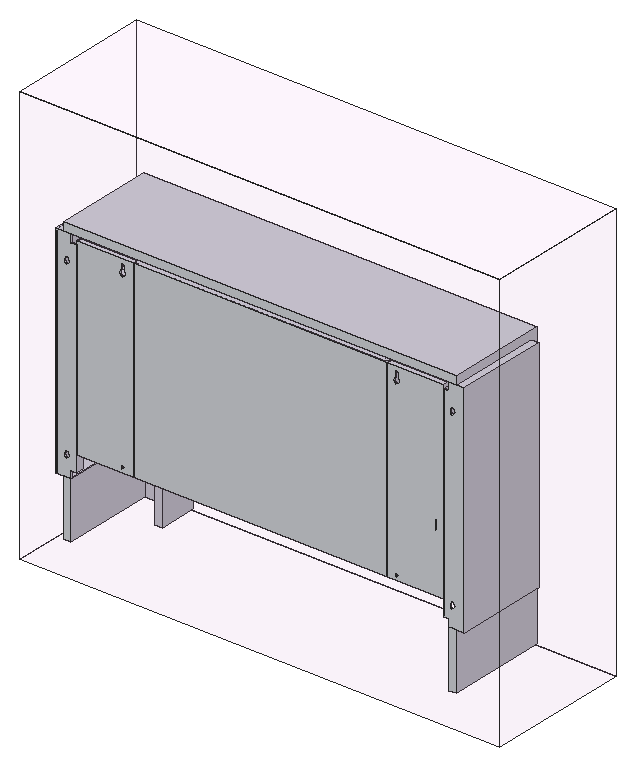
Revit family "01 - CASED EVOVERT - BTM IN - FRONT DIS - No Valves", category Mechanical Equipment, host Wall, Revit 2018
Family settings
  Host = Wall
  Round Connector Dimension = Use Diameter
  Part Type = Normal
  OmniClass Number = 23.75.00.00
  OmniClass Title = Climate Control (HVAC)
  Always vertical = Yes
  Cut with Voids When Loaded = No
  Shared = No
  Room Calculation Point = No
Parameters (values of type "EVOVERT - Size 100 LH")
  ∆P Htg Coil = 0.0 Pa
  ∆P Cooling Coil = 0.0 Pa
  Winter off Coil Temp. = 0 °C
  Winter Room Temp. = 0 °C
  Winter On Coil Temp. = 0 °C
  Winter Fresh Air Temp. = 0 °C
  Top Pipework [instance] = if(or(BOTTOM Pipework Entry, SIDE Pipework Entry), 1 = 0, TOP Pipework Entry)  # no
  Temperature Controller = no
  TOP Pipework Entry [instance] = no
  Summer off Coil Temp. = 0 °C
  Summer Room Temp. = 0 °C
  Summer On Coil Temp. = 0 °C
  Summer Fresh Air Temp. = 0 °C
  Starting Method = "Soft Start"
  Speed Selection Controller = no
  Specific Fan Power = 0
  Sound Transmission (NR) = 0
  Side Pipework [instance] = if(or(BOTTOM Pipework Entry, TOP Pipework Entry), 1 = 0, SIDE Pipework Entry)  # no
  Shipping Weight = 0.00 kg
  SIDE Pipework Entry [instance] = no
  Room Air Temperature Sensor = no
  Return Air Temperature Sensor = no
  RH Components Visible = no
  Product Model Number (Code) [instance] = ""
  Primary Filter = "G3"
  Plinths Visible [instance] = if(CASED Fan Coil Unit, CASE Plinth Fitted, 1 = 0)  # yes
  Pipe Connection Type = "Screw"
  Overall Width = FCU Width + AUX Pan Extension + (2.00 mm * 150)  # 970.00 mm
  Overall Length = FCU Length  # 510.00 mm
  Overall Height = FCU Depth  # 235.00 mm
  Outlet Connection Width = FCU Width  # 670.00 mm
  Outlet Connection Shape = "Rectangular"
  Outlet Connection Dia/Height = 100.00 mm
  Operating Weight = 0.00 kg
  No of Outlet Connections = 1
  Motor Type = "EC"
  Motor Enclosure Rating = "IP42"
  Model = "EVOVERT"  # constant formula
  Max Ext Press. = 0.0 Pa
  Mat Thickness Pos = 1.20 mm
  Mat Thickness Neg = Mat Thickness Pos * (-1)  # -1.20 mm
  Manufacturer = "Ability Projects"  # constant formula
  Low Voltage Transformer = no
  LTHW Coil Flow = 0.0 L/s
  LTHW Coil Connection Size = 15.00 mm
  LPHW Return Temp. = 0 °C
  LPHW Flow Temperature = 0 °C
  LH Components Visible = yes
  Internet Address = "http://www.abilityprojects.com"
  Intake Width = FCU Width - (2.00 mm * 14) - 2.00 mm  # 640.00 mm
  Intake Height = FCU Depth - 13.00 mm - 40.00 mm - 2.00 mm  # 180.00 mm
  Inlet Plenum = no
  Inlet Connection Width = 0.00 mm
  Inlet Connection Shape = "N/A"
  Inlet Connection Dia/Height = 0.00 mm
  Incoming Supply Phase = 1
  Incoming Supply Electrical Voltage = 230 V
  Incoming Supply Electrical Frequency = 50 Hz
  Heating Coil Duty Range = 0 W
  Heating Coil Configuration [instance] = "LTHW"
  Heating Coil [instance] = yes
  Handing = "LH"
  Fan Type = "Double Inlet Centrifugal"
  FCU Width = 670.00 mm
  FCU Offset [instance] = 0.00 mm
  FCU Length = 510.00 mm  # constant formula
  FCU Depth = 235.00 mm  # constant formula
  Enclosure Width (Model) = Electrical Enclosure Width - Mat Thickness Pos  # 233.80 mm
  Enclosure Depth (Model) = Electrical Enclosure Depth - Mat Thickness Pos  # 143.80 mm
  Electrical Supply Current (Max) = 0 A
  Electrical Power Consumption = 0 W
  Electrical Enclosure Width = 235.00 mm  # constant formula
  Electrical Enclosure Height = 380.00 mm  # constant formula
  Electrical Enclosure Depth = 145.00 mm  # constant formula
  Earth Connector = yes
  Drain From Edge = Drain Connection Size / 2  # 7.50 mm
  Drain Cut Size = Drain Connection Size - 2.00 mm  # 13.00 mm
  Drain Connection Size = 15.00 mm
  Description = "Wall Mounted 235mm Deep and 510mm Tall Vertical Fan Coil Unit"  # constant formula
  Cooling Coil Duty (Total) = 0 W
  Cooling Coil Duty (Sensible) = 0 W
  Cooling Coil [instance] = yes
  Controls Connection = no
  Control Valves & Actuators = no
  Configuration = "Vertical"
  Condensate Tray = yes
  Condensate Lift Pump [instance] = no
  Condensate Drain Max Flow = 0.0 L/s
  Condensate Drain Connection Size = 15.00 mm
  Ch.W Coil Flow = 0.0 L/s
  CASED Fan Coil Unit [instance] = yes
  Spigot Visible [instance] = not(CASED Fan Coil Unit)  # no
  CASE Plinth Fitted [instance] = yes
  Bottom Pipework [instance] = if(or(SIDE Pipework Entry, TOP Pipework Entry), 1 = 0, BOTTOM Pipework Entry)  # no
  Back Panel Offset (Right) = if(RH Components Visible, 150.00 mm + AUX Pan Extension, 150.00 mm)  # 150.00 mm
  Back Panel Offset (Left) = if(LH Components Visible, 150.00 mm + AUX Pan Extension, 150.00 mm)  # 150.00 mm
  BOTTOM Pipework Entry [instance] = no
  Assembly Code = "D3050100"
  Air Flow Rate = 0.0 L/s
  Access Panel Pos = 170.00 mm  # constant formula
  Access Clearance Visible [instance] = yes
  AUX Pan Extension = 0.00 mm
  Ch.W Coil Connection Size = 15.00 mm
  CHW Return Temp. = 0 °C
  CHW Flow Temp. = 0 °C
  BMS Addressable Controller = no
  Access Clearance Top = 300.00 mm  # constant formula
  Access Clearance Right = 150.00 mm  # constant formula
  Access Clearance Left = 150.00 mm  # constant formula
  Access Clearance Front = 150.00 mm  # constant formula
  Access Clearance Bottom = 300.00 mm  # constant formula
  AUX Pan Length = 125.00 mm + AUX Pan Extension  # 125.00 mm
Reference planes
  plane 1 "Wall": y = 0
  plane 2 "Center (Left/Right)": x = 0
  plane 3 "Back": y = 75
  plane 4 "FCU Right Side": x = -335
  plane 5 "FCU Left Side": x = 335
  plane 6 "Chassis Left": x = 485
  plane 7 "Chassis Right": x = -485
  plane 8 "FCU Bottom": z = 300
  plane 9 "FCU Top": z = 810
  plane 10 "Back Panel Plane": y = 75
  plane 11 "FCU Front": y = 310
  plane 12: z = 555
  plane 13 "Intake Disp": y = 270
  plane 14 "Top Spigot End": y = 190
  plane 15: y = 290
  plane 16 "Access Panel Start": z = 640
  plane 17: z = 790
  plane 18: z = 690
  plane 19: x = 255
  plane 20: x = -255
  plane 21 "Copper Plate Left": x = 325
  plane 22 "Pipe End Left": x = 365
  plane 23 "Copper Plate Right": x = -325
  plane 24 "Pipe End Right": x = -365
  plane 25 "Elec Enclosure Front": y = 310
  plane 26 "Elec Enclosure Bottom": z = 350
  plane 27 "Elec Enclosure Top": z = 730
  plane 28 "Elec Enclosure Left": x = 478.8
  plane 29 "Elec Enclosure Right": x = -478.8
  plane 30 "AUX Pan Plane": z = 458
  plane 31 "Access Front": y = 460
Forms (mm)
  Extrusion 1, solid
    sketch origin (0, 75, 0) x (-1, 0, 0) y (0, 0, 1)
      loop
        line (-485, 808.8) -> (-485, 301.2) -> (485, 301.2) -> (485, 808.8) -> (-485, 808.8)
    from 0 to 1.2 <- "Mat Thickness Pos"
  Extrusion 2, solid
    sketch origin (485, 75, 808.8) x (-1, 0, 0) y (0, -1, 0)
      loop
        line (0, 0) -> (0, -13) -> (970, -13) -> (970, 0) -> (0, 0)
    from 0 to -1.2 <- "Mat Thickness Neg"
  Extrusion 3, solid
    sketch origin (-485, 75, 301.2) x (0, -1, 0) y (-1, 0, 0)
      loop
        line (0, -970) -> (0, 0) -> (-13, 0) -> (-13, -970) -> (0, -970)
    from 0 to -1.2 <- "Mat Thickness Neg"
  Extrusion 4, solid
    sketch origin (485, 88, 301.2) x (0, -1, 0) y (0, 0, -1)
      loop
        line (13, -507.6) -> (13, 0) -> (-2, 0)
        arc (-2, 0) -> (-5.536, -1.464) -> (-7, -5) r 5
        line (-7, -5) -> (-7, -502.6)
        arc (-7, -502.6) -> (-5.536, -506.136) -> (-2, -507.6) r 5
        line (-2, -507.6) -> (13, -507.6)
    from 0 to -1.2 <- "Mat Thickness Neg"
  Extrusion 5, solid
    sketch origin (-485, 75, 301.2) x (0, 1, 0) y (0, 0, -1)
      loop
        line (0, 0) -> (0, -507.6) -> (15, -507.6)
        arc (15, -507.6) -> (18.536, -506.136) -> (20, -502.6) r 5
        line (20, -502.6) -> (20, -5)
        arc (20, -5) -> (18.536, -1.464) -> (15, 0) r 5
        line (15, 0) -> (0, 0)
    from 0 to -1.2 <- "Mat Thickness Neg"
  Extrusion 6, void
    sketch origin (0, 76.2, 0) x (1, 0, 0) y (0, 0, 1)
      loop
        circle (362.5, 315) r 3.75
      loop
        circle (-362.5, 315) r 3.75
      loop
        line (366.25, 781.495) -> (366.25, 795)
        arc (366.25, 795) -> (362.5, 798.75) -> (358.75, 795) r 3.75
        line (358.75, 795) -> (358.75, 781.495)
        arc (358.75, 781.495) -> (362.5, 767.5) -> (366.25, 781.495) r 7.5
      loop
        line (-358.75, 781.495) -> (-358.75, 795)
        arc (-358.75, 795) -> (-362.5, 798.75) -> (-366.25, 795) r 3.75
        line (-366.25, 795) -> (-366.25, 781.495)
        arc (-366.25, 781.495) -> (-362.5, 767.5) -> (-358.75, 781.495) r 7.5
    from 0 to 1.2
  Extrusion 7, solid
    sketch origin (335, 0, 0) x (0, 0, 1) y (0, 1, 0)
      loop
        line (807.6, 76.2) -> (807.6, 308.8) -> (302.4, 308.8) -> (302.4, 76.2) -> (807.6, 76.2)
    from 0 to 1.2 <- "Mat Thickness Pos"
  Extrusion 8, solid
    sketch origin (-335, 0, 0) x (0, 0, 1) y (0, 1, 0)
      loop
        line (302.4, 76.2) -> (807.6, 76.2) -> (807.6, 308.8) -> (302.4, 308.8) -> (302.4, 76.2)
    from 0 to -1.2 <- "Mat Thickness Neg"
  Extrusion 9, solid
    sketch origin (0, 0, 0) x (0, 1, 0) y (0, 0, 1)
      loop
        line (135, 765) -> (203.707, 540.268) -> (291.687, 567.167) -> (222.98, 791.898) -> (135, 765)
    from -255 to 255
  Extrusion 10, solid
    sketch origin (335, 308.8, 807.6) x (0, 0, -1) y (-1, 0, 0)
      loop
        line (0, 0) -> (505.2, 0) -> (505.2, 14) -> (0, 14) -> (0, 0)
    from 0 to -1.2 <- "Mat Thickness Neg"
  Extrusion 11, solid
    sketch origin (-335, 308.8, 807.6) x (0, 0, -1) y (-1, 0, 0)
      loop
        line (0, 0) -> (0, -14) -> (505.2, -14) -> (505.2, 0) -> (0, 0)
    from 0 to -1.2 <- "Mat Thickness Neg"
  Extrusion 12, solid
    sketch origin (335, 76.2, 807.6) x (0, 1, 0) y (-1, 0, 0)
      loop
        line (11.8, 0) -> (232.6, 0) -> (232.6, 14) -> (11.8, 14) -> (11.8, 0)
    from 0 to 1.2 <- "Mat Thickness Pos"
  Extrusion 13, solid
    sketch origin (335, 308.8, 302.4) x (-1, 0, 0) y (0, 1, 0)
      loop
        line (0, 0) -> (0, -220.8) -> (14, -220.8) -> (14, 0) -> (0, 0)
    from 0 to 1.2 <- "Mat Thickness Pos"
  Extrusion 14, solid
    sketch origin (-335, 76.2, 302.4) x (1, 0, 0) y (0, -1, 0)
      loop
        line (0, -11.8) -> (0, -232.6) -> (14, -232.6) -> (14, -11.8) -> (0, -11.8)
    from 0 to 1.2 <- "Mat Thickness Pos"
  Extrusion 15, solid
    sketch origin (-335, 308.8, 807.6) x (0, -1, 0) y (1, 0, 0)
      loop
        line (0, 0) -> (220.8, 0) -> (220.8, 14) -> (0, 14) -> (0, 0)
    from 0 to 1.2 <- "Mat Thickness Pos"
  Extrusion 16, solid
    sketch origin (0, 0, 810) x (1, 0, 0) y (0, 1, 0)
      loop
        line (-333.8, 310) -> (-333.8, 81.2)
        arc (-333.8, 81.2) -> (-332.336, 77.664) -> (-328.8, 76.2) r 5
        line (-328.8, 76.2) -> (328.8, 76.2)
        arc (328.8, 76.2) -> (332.336, 77.664) -> (333.8, 81.2) r 5
        line (333.8, 81.2) -> (333.8, 310) -> (-333.8, 310)
    from 0 to -1.2
  Extrusion 17, solid
    sketch origin (0, 310, 0) x (-1, 0, 0) y (0, 0, 1)
      loop
        line (333.8, 810) -> (-333.8, 810) -> (-333.8, 645)
        arc (-333.8, 645) -> (-332.336, 641.464) -> (-328.8, 640) r 5
        line (-328.8, 640) -> (328.8, 640)
        arc (328.8, 640) -> (332.336, 641.464) -> (333.8, 645) r 5
        line (333.8, 645) -> (333.8, 810)
    from 0 to -1.2
  Extrusion 18, solid, visible <- "LH Components Visible"
    sketch origin (255, 0, 0) x (0, 1, 0) y (0, 0, 1)
      loop
        line (201.365, 589.327) -> (252.488, 566.266) -> (261.486, 605.241) -> (210.363, 628.302) -> (201.365, 589.327)
    from 0 to 50
  Extrusion 19, void
    sketch origin (0, 0, 0) x (0, 1, 0) y (0, 0, 1)
      loop
        line (201.365, 589.327) -> (210.363, 589.327) -> (210.363, 628.302) -> (201.365, 628.302) -> (201.365, 589.327)
      loop
        line (261.486, 605.241) -> (252.488, 605.241) -> (252.488, 566.266) -> (261.486, 566.266) -> (261.486, 605.241)
    from -255 to 255
  Extrusion 20, solid, visible <- "LH Components Visible"
    sketch origin (325, 0, 0) x (0, 0, 1) y (0, 1, 0)
      loop
        line (590.713, 191.422) -> (634.781, 201.596) -> (638.193, 212.756) -> (612.632, 269.422) -> (605.115, 271.72) -> (559.966, 261.296) -> (556.475, 249.875) -> (581.583, 194.213) -> (590.713, 191.422)
    from 0 to 1
  Extrusion 21, solid, visible <- "RH Components Visible"
    sketch origin (-255, 0, 0) x (0, -1, 0) y (0, 0, 1)
      loop
        line (-210.363, 628.302) -> (-261.486, 605.241) -> (-252.488, 566.266) -> (-201.365, 589.327) -> (-210.363, 628.302)
    from 0 to 50
  Extrusion 22, solid, visible <- "RH Components Visible"
    sketch origin (-325, 0, 0) x (0, 0, 1) y (0, 1, 0)
      loop
        line (638.193, 212.756) -> (612.632, 269.422) -> (605.115, 271.72) -> (559.966, 261.296) -> (556.475, 249.875) -> (581.583, 194.213) -> (590.713, 191.422) -> (634.781, 201.596) -> (638.193, 212.756)
    from 0 to -1
  Extrusion 23, solid, visible <- "LH Components Visible"
    sketch origin (325, 0, 0) x (0, 0, 1) y (0, 1, 0)
      loop
        circle (628.302, 210.363) r 6.5
      loop
        circle (589.327, 201.365) r 6.5
      loop
        circle (605.241, 261.486) r 6.5
      loop
        circle (566.266, 252.488) r 6.5
      loop
        circle (628.302, 210.363) r 7.5
      loop
        circle (589.327, 201.365) r 7.5
      loop
        circle (605.241, 261.486) r 7.5
      loop
        circle (566.266, 252.488) r 7.5
    from 0 to 70
  Extrusion 24, solid, visible <- "RH Components Visible"
    sketch origin (-255, 0, 0) x (0, -1, 0) y (0, 0, 1)
      loop
        circle (-261.486, 605.241) r 6.5
      loop
        circle (-252.488, 566.266) r 6.5
      loop
        circle (-261.486, 605.241) r 7.5
      loop
        circle (-252.488, 566.266) r 7.5
      loop
        circle (-210.363, 628.302) r 6.5
      loop
        circle (-210.363, 628.302) r 7.5
      loop
        circle (-201.365, 589.327) r 6.5
      loop
        circle (-201.365, 589.327) r 7.5
    from 0 to 69
  Extrusion 25, solid, visible <- "LH Components Visible"
    sketch origin (255, 0, 0) x (0, 1, 0) y (0, 0, 1)
      loop
        line (205.992, 543.058) -> (283.452, 566.74) -> (217.669, 781.909) -> (140.208, 758.227) -> (205.992, 543.058)
    from 0 to 50
  Extrusion 26, solid, visible <- "RH Components Visible"
    sketch origin (-255, 0, 0) x (0, -1, 0) y (0, 0, 1)
      loop
        line (-217.669, 781.909) -> (-283.452, 566.74) -> (-205.992, 543.058) -> (-140.208, 758.227) -> (-217.669, 781.909)
    from 0 to 50
  Extrusion 27, solid
    sketch origin (255, 0, 0) x (0, 1, 0) y (0, 0, 1)
      loop
        line (222.98, 791.898) -> (135, 765) -> (203.707, 540.268) -> (291.687, 567.167) -> (222.98, 791.898)
      loop
        line (203.043, 539.02) -> (292.936, 566.503) -> (223.644, 793.147) -> (133.751, 765.664) -> (203.043, 539.02)
    from 0 to 78.8
  Extrusion 28, solid
    sketch origin (-255, 0, 0) x (0, -1, 0) y (0, 0, 1)
      loop
        line (-291.687, 567.167) -> (-203.707, 540.268) -> (-135, 765) -> (-222.98, 791.898) -> (-291.687, 567.167)
      loop
        line (-292.936, 566.503) -> (-203.043, 539.02) -> (-133.751, 765.664) -> (-223.644, 793.147) -> (-292.936, 566.503)
    from 0 to 78.8
  Extrusion 29, void
    sketch origin (335, 0, 0) x (0, 0, 1) y (0, 1, 0)
      loop
        line (791.898, 222.98) -> (567.167, 291.687) -> (540.268, 203.707) -> (765, 135) -> (791.898, 222.98)
    from 0 to 1.2
  Extrusion 30, void
    sketch origin (-335, 0, 0) x (0, 0, 1) y (0, 1, 0)
      loop
        line (791.898, 222.98) -> (567.167, 291.687) -> (540.268, 203.707) -> (765, 135) -> (791.898, 222.98)
    from 0 to -1.2
  Extrusion 31, solid, visible <- "LH Components Visible"
    sketch origin (325, 0, 0) x (0, 0, 1) y (0, 1, 0)
      loop
        circle (628.302, 210.363) r 6.5
      loop
        circle (589.327, 201.365) r 6.5
      loop
        circle (605.241, 261.486) r 6.5
      loop
        circle (566.266, 252.488) r 6.5
      loop
        circle (628.302, 210.363) r 7.5
      loop
        circle (589.327, 201.365) r 7.5
      loop
        circle (605.241, 261.486) r 7.5
      loop
        circle (566.266, 252.488) r 7.5
    from 0 to -40
  Extrusion 32, solid, visible <- "RH Components Visible"
    sketch origin (-325, 0, 0) x (0, 0, 1) y (0, 1, 0)
      loop
        circle (605.241, 261.486) r 6.5
      loop
        circle (566.266, 252.488) r 6.5
      loop
        circle (628.302, 210.363) r 6.5
      loop
        circle (589.327, 201.365) r 6.5
      loop
        circle (605.241, 261.486) r 7.5
      loop
        circle (566.266, 252.488) r 7.5
      loop
        circle (628.302, 210.363) r 7.5
      loop
        circle (589.327, 201.365) r 7.5
    from 0 to 40
  Extrusion 33, solid
    sketch origin (328.8, 310, 640) x (0, 1, 0) y (1, 0, 0)
      loop
        line (0, -7.8) -> (-9, -7.8)
        arc (-9, -7.8) -> (-12.536, -9.264) -> (-14, -12.8) r 5
        line (-14, -12.8) -> (-14, -644.8)
        arc (-14, -644.8) -> (-12.536, -648.336) -> (-9, -649.8) r 5
        line (-9, -649.8) -> (0, -649.8) -> (0, -7.8)
    from 0 to 1.2 <- "Mat Thickness Pos"
  Extrusion 34, solid
    sketch origin (0, 310, 0) x (-1, 0, 0) y (0, 0, 1)
      loop
        line (-335, 635) -> (-335, 300) -> (335, 300) -> (335, 635) -> (-335, 635)
    from 0 to -1.2 <- "Mat Thickness Neg"
  Extrusion 35, solid
    sketch origin (0, 0, 300) x (1, 0, 0) y (0, 1, 0)
      loop
        line (335, 270) -> (335, 310) -> (-335, 310) -> (-335, 270) -> (335, 270)
    from 0 to 1.2
  Extrusion 36, solid
    sketch origin (335, 270, 300) x (-1, 0, 0) y (0, 0, -1)
      loop
        line (656, 0) -> (14, 0) -> (14, -10) -> (656, -10) -> (656, 0)
    from 0 to 1.2 <- "Mat Thickness Pos"
  Extrusion 37, solid
    sketch origin (321, 270, 310) x (-1, 0, 0) y (0, -1, 0)
      loop
        line (0, 13) -> (0, 0) -> (642, 0) -> (642, 13) -> (0, 13)
    from 0 to -1.2 <- "Mat Thickness Neg"
  Extrusion 38, solid
    sketch origin (335, 0, 0) x (0, 0, 1) y (0, 1, 0)
      loop
        line (300, 310) -> (300, 270) -> (308, 270)
        arc (308, 270) -> (311.536, 271.464) -> (313, 275) r 5
        line (313, 275) -> (313, 297) -> (630, 297)
        arc (630, 297) -> (633.536, 298.464) -> (635, 302) r 5
        line (635, 302) -> (635, 310) -> (300, 310)
    from 0 to -1.2 <- "Mat Thickness Neg"
  Extrusion 39, solid
    sketch origin (-335, 0, 0) x (0, 0, 1) y (0, 1, 0)
      loop
        line (300, 310) -> (300, 270) -> (308, 270)
        arc (308, 270) -> (311.536, 271.464) -> (313, 275) r 5
        line (313, 275) -> (313, 297) -> (630, 297)
        arc (630, 297) -> (633.536, 298.464) -> (635, 302) r 5
        line (635, 302) -> (635, 310) -> (300, 310)
    from 0 to 1.2 <- "Mat Thickness Pos"
  Extrusion 40, solid
    sketch origin (335, 308.8, 301.2) x (0, -1, 0) y (-1, 0, 0)
      loop
        line (220.8, 14) -> (220.8, 656) -> (40, 656) -> (40, 14) -> (220.8, 14)
    from 1.2 to 0
  Extrusion 41, solid, visible <- "RH Components Visible"
    sketch origin (335, 88, 807.6) x (0, 1, 0) y (0, 0, 1)
      loop
        line (134.98, -15.702) -> (47, -42.6) -> (115.707, -267.332) -> (203.687, -240.433) -> (134.98, -15.702)
    from 0 to -1.2 <- "Mat Thickness Neg"
  Extrusion 42, solid, visible <- "LH Components Visible"
    sketch origin (-335, 88, 302.4) x (0, 1, 0) y (0, 0, -1)
      loop
        line (115.707, -237.868) -> (47, -462.6) -> (134.98, -489.498) -> (203.687, -264.767) -> (115.707, -237.868)
    from 0 to -1.2 <- "Mat Thickness Neg"
  Extrusion 43, solid, visible <- "LH Components Visible"
    sketch origin (0, 0, 458) x (1, 0, 0) y (0, 1, 0)
      loop
        line (335, 295) -> (335, 76.2) -> (465, 76.2) -> (465, 295) -> (335, 295)
    from 0 to 25
  Extrusion 44, void
    sketch origin (0, 0, 483) x (0, 1, 0) y (1, 0, 0)
      loop
        line (77.2, 464) -> (77.2, 336) -> (294, 336) -> (294, 464) -> (77.2, 464)
    from 0 to 24
  Extrusion 45, void
    sketch origin (0, 0, 459) x (-1, 0, 0) y (0, 1, 0)
      loop
        circle (-457.5, 287.5) r 6.5
    from 0 to 1
  Extrusion 46, solid, visible <- "LH Components Visible"
    sketch origin (0, 0, 458) x (0, 1, 0) y (1, 0, 0)
      loop
        circle (287.5, 457.5) r 7.5
      loop
        circle (287.5, 457.5) r 6.5
    from 0 to 30
  Extrusion 47, solid, visible <- "RH Components Visible"
    sketch origin (0, 0, 458) x (1, 0, 0) y (0, 1, 0)
      loop
        line (-465, 295) -> (-465, 76.2) -> (-335, 76.2) -> (-335, 295) -> (-465, 295)
    from 0 to 25
  Extrusion 48, void
    sketch origin (0, 0, 483) x (0, 1, 0) y (1, 0, 0)
      loop
        line (294, -464) -> (294, -336) -> (77.2, -336) -> (77.2, -464) -> (294, -464)
    from 0 to 24
  Extrusion 49, void
    sketch origin (0, 0, 459) x (-1, 0, 0) y (0, 1, 0)
      loop
        circle (457.5, 287.5) r 6.5
    from 0 to 1
  Extrusion 50, solid, visible <- "RH Components Visible"
    sketch origin (0, 0, 458) x (0, 1, 0) y (1, 0, 0)
      loop
        circle (287.5, -457.5) r 7.5
      loop
        circle (287.5, -457.5) r 6.5
    from 0 to 30
  Extrusion 51, solid, visible <- "Spigot Visible"
    sketch origin (-333.8, 310, 810) x (1, 0, 0) y (0, 0, -1)
      loop
        line (668.8, 20) -> (668.8, 120) -> (-1.2, 120) -> (-1.2, 20) -> (668.8, 20)
    from 0 to 25
  Extrusion 52, solid, visible <- "RH Components Visible"
    sketch origin (335, 88, 807.6) x (0, 1, 0) y (0, 0, 1)
      loop
        line (-11.8, -77.6) -> (-11.8, -457.6) -> (220.8, -457.6) -> (220.8, -77.6) -> (-11.8, -77.6)
    from 0 to 143.8
  Extrusion 53, void
    sketch origin (335, 76.2, 730) x (-1, 0, 0) y (0, 1, 0)
      loop
        line (0, 232.6) -> (-10, 232.6) -> (-10, 212.6) -> (0, 212.6) -> (0, 232.6)
    from 0 to 380
  Extrusion 54, solid, visible <- "RH Components Visible"
    sketch origin (335, 76.2, 730) x (0, 1, 0) y (-1, 0, 0)
      loop
        line (212.6, -10) -> (217.6, -10) -> (217.6, -5)
        arc (217.6, -5) -> (216.136, -1.464) -> (212.6, 0) r 5
        line (212.6, 0) -> (212.6, -10)
    from 0 to -380
  Extrusion 55, solid, visible <- "RH Components Visible"
    sketch origin (335, 308.8, 730) x (0, 0, -1) y (-1, 0, 0)
      loop
        line (1.2, -143.8) -> (378.8, -143.8) -> (378.8, -60)
        arc (378.8, -60) -> (377.336, -56.464) -> (373.8, -55) r 5
        line (373.8, -55) -> (6.2, -55)
        arc (6.2, -55) -> (2.664, -56.464) -> (1.2, -60) r 5
        line (1.2, -60) -> (1.2, -143.8)
    from 0 to 1.2 <- "Mat Thickness Pos"
  Extrusion 56, solid, visible <- "RH Components Visible"
    sketch origin (478.8, 88, 807.6) x (0, 1, 0) y (0, 0, 1)
      loop
        line (222, -456.4) -> (222, -78.8) -> (-6.8, -78.8)
        arc (-6.8, -78.8) -> (-10.336, -80.264) -> (-11.8, -83.8) r 5
        line (-11.8, -83.8) -> (-11.8, -451.4)
        arc (-11.8, -451.4) -> (-10.336, -454.936) -> (-6.8, -456.4) r 5
        line (-6.8, -456.4) -> (222, -456.4)
    from 0 to 1.2 <- "Mat Thickness Pos"
  Extrusion 57, void
    sketch origin (335, 76.2, 730) x (-1, 0, 0) y (0, 1, 0)
      loop
        arc (-120.8, 218.8) -> (-122.921, 217.921) -> (-123.8, 215.8) r 3
        line (-123.8, 215.8) -> (-123.8, 119.8)
        arc (-123.8, 119.8) -> (-123.507, 119.093) -> (-122.8, 118.8) r 1
        line (-122.8, 118.8) -> (-74.8, 118.8)
        arc (-74.8, 118.8) -> (-74.093, 119.093) -> (-73.8, 119.8) r 1
        line (-73.8, 119.8) -> (-73.8, 215.8)
        arc (-73.8, 215.8) -> (-74.679, 217.921) -> (-76.8, 218.8) r 3
        line (-76.8, 218.8) -> (-120.8, 218.8)
      loop
        circle (-128.8, 48.8) r 7.95
      loop
        circle (-128.8, 73.8) r 7.95
      loop
        circle (-93.8, 78.8) r 10.5
      loop
        circle (-93.8, 48.8) r 10.5
    from 0 to 1
  Extrusion 58, solid, visible <- "LH Components Visible"
    sketch origin (-335, 88, 302.4) x (0, 1, 0) y (0, 0, -1)
      loop
        line (220.8, -427.6) -> (220.8, -47.6) -> (-11.8, -47.6) -> (-11.8, -427.6) -> (220.8, -427.6)
    from 0 to 143.8
  Extrusion 59, void
    sketch origin (-335, 308.8, 730) x (1, 0, 0) y (0, -1, 0)
      loop
        line (-10, 0) -> (0, 0) -> (0, 20) -> (-10, 20) -> (-10, 0)
    from 0 to 380
  Extrusion 60, solid, visible <- "LH Components Visible"
    sketch origin (-335, 308.8, 730) x (0, -1, 0) y (1, 0, 0)
      loop
        line (20, -10) -> (20, 0)
        arc (20, 0) -> (16.464, -1.464) -> (15, -5) r 5
        line (15, -5) -> (15, -10) -> (20, -10)
    from 0 to -380
  Extrusion 61, solid, visible <- "LH Components Visible"
    sketch origin (-335, 308.8, 350) x (0, 0, 1) y (1, 0, 0)
      loop
        arc (378.8, -60) -> (377.336, -56.464) -> (373.8, -55) r 5
        line (373.8, -55) -> (6.2, -55)
        arc (6.2, -55) -> (2.664, -56.464) -> (1.2, -60) r 5
        line (1.2, -60) -> (1.2, -143.8) -> (378.8, -143.8) -> (378.8, -60)
    from 0 to 1.2 <- "Mat Thickness Pos"
  Extrusion 62, solid, visible <- "LH Components Visible"
    sketch origin (-478.8, 88, 302.4) x (0, 1, 0) y (0, 0, -1)
      loop
        arc (-11.8, -421.4) -> (-10.336, -424.936) -> (-6.8, -426.4) r 5
        line (-6.8, -426.4) -> (222, -426.4) -> (222, -48.8) -> (-6.8, -48.8)
        arc (-6.8, -48.8) -> (-10.336, -50.264) -> (-11.8, -53.8) r 5
        line (-11.8, -53.8) -> (-11.8, -421.4)
    from 0 to 1.2 <- "Mat Thickness Pos"
  Extrusion 63, void
    sketch origin (-335, 308.8, 730) x (1, 0, 0) y (0, -1, 0)
      loop
        line (-120.8, 13.8) -> (-76.8, 13.8)
        arc (-76.8, 13.8) -> (-74.679, 14.679) -> (-73.8, 16.8) r 3
        line (-73.8, 16.8) -> (-73.8, 110.8)
        arc (-73.8, 110.8) -> (-74.679, 112.921) -> (-76.8, 113.8) r 3
        line (-76.8, 113.8) -> (-120.8, 113.8)
        arc (-120.8, 113.8) -> (-122.921, 112.921) -> (-123.8, 110.8) r 3
        line (-123.8, 110.8) -> (-123.8, 16.8)
        arc (-123.8, 16.8) -> (-122.921, 14.679) -> (-120.8, 13.8) r 3
      loop
        circle (-128.8, 158.8) r 7.95
      loop
        circle (-128.8, 183.8) r 7.95
      loop
        circle (-93.8, 153.8) r 10.5
      loop
        circle (-93.8, 183.8) r 10.5
    from 0 to 1
  Extrusion 64, solid, material "Access Zone", visible <- "Access Clearance Visible"
    sketch origin (485, 75, 301.2) x (-1, 0, 0) y (0, 0, -1)
      loop
        line (-150, -808.8) -> (1120, -808.8) -> (1120, 301.2) -> (-150, 301.2) -> (-150, -808.8)
    from 0 to -385
Cuts and joins
  Extrusion 6 cuts Extrusion 1
  Extrusion 6 cuts Extrusion 2
  Extrusion 6 cuts Extrusion 3
  Extrusion 6 cuts Extrusion 4
  Extrusion 6 cuts Extrusion 5
  joined: Extrusion 1, Extrusion 2, Extrusion 3, Extrusion 4, Extrusion 5
  Extrusion 29, Extrusion 53 cuts Extrusion 7
  Extrusion 29, Extrusion 53 cuts Extrusion 10
  Extrusion 29, Extrusion 53 cuts Extrusion 12
  Extrusion 29, Extrusion 53 cuts Extrusion 13
  joined: Extrusion 7, Extrusion 10, Extrusion 12, Extrusion 13
  Extrusion 30, Extrusion 59 cuts Extrusion 8
  Extrusion 30, Extrusion 59 cuts Extrusion 11
  Extrusion 30, Extrusion 59 cuts Extrusion 14
  Extrusion 30, Extrusion 59 cuts Extrusion 15
  joined: Extrusion 8, Extrusion 11, Extrusion 14, Extrusion 15
  joined: Extrusion 16, Extrusion 17, Extrusion 33
  Extrusion 19, Extrusion 29 cuts Extrusion 9
  Extrusion 29 cuts Extrusion 27
  joined: Extrusion 9, Extrusion 27
  Extrusion 29 cuts Extrusion 18
  Extrusion 29 cuts Extrusion 20
  Extrusion 29 cuts Extrusion 23
  Extrusion 29 cuts Extrusion 25
  joined: Extrusion 18, Extrusion 20, Extrusion 23, Extrusion 25, Extrusion 31
  joined: Extrusion 21, Extrusion 22, Extrusion 24, Extrusion 26, Extrusion 32
  joined: Extrusion 34, Extrusion 35, Extrusion 36, Extrusion 38, Extrusion 39
  Extrusion 44, Extrusion 45 cuts Extrusion 43
  Extrusion 48, Extrusion 49 cuts Extrusion 47
  Extrusion 53, Extrusion 57 cuts Extrusion 52
  Extrusion 57 cuts Extrusion 54
  joined: Extrusion 52, Extrusion 54
  joined: Extrusion 55, Extrusion 56
  Extrusion 59, Extrusion 63 cuts Extrusion 58
  Extrusion 63 cuts Extrusion 60
  joined: Extrusion 58, Extrusion 60
  joined: Extrusion 61, Extrusion 62
Text (mm)
  text "Placement side" at (-1820.995, -659.926, 0), in view "Ref. Level"
  text "Placement side" at (0, 1334.055, 2976.191), in view "Left"
  text "Placement side" at (0, 439.194, 2944.362), in view "Right"
Dimensions and locks
  locked: plane 3 "Back" to host wall
  equal spacing: plane 4 "FCU Right Side", plane 2 "Center (Left/Right)", plane 5 "FCU Left Side"
  "FCU Width": plane 4 "FCU Right Side" to plane 5 "FCU Left Side"
  "Back Panel Offset (Left)": plane 6 "Chassis Left" to plane 5 "FCU Left Side"
  "Back Panel Offset (Right)": plane 7 "Chassis Right" to plane 4 "FCU Right Side"
  "Access Clearance Bottom": level to plane 8 "FCU Bottom"
  "FCU Length": plane 8 "FCU Bottom" to plane 9 "FCU Top"
  "FCU Offset": plane 10 "Back Panel Plane" to plane 3 "Back"
  locked: Extrusion 2 sketch curve to plane 10 "Back Panel Plane" at 13
  locked: plane 10 "Back Panel Plane" to Extrusion 4 sketch curve at 20
  locked: plane 5 "FCU Left Side" to Extrusion 6 sketch curve at 27.5  (x2)
  locked: plane 8 "FCU Bottom" to Extrusion 6 sketch curve at 15  (x2)
  locked: Extrusion 6 sketch curve to plane 4 "FCU Right Side" at 27.5  (x2)
  locked: Extrusion 6 sketch curve to Extrusion 6 sketch curve at 20  (x2)
  "FCU Depth": plane 11 "FCU Front" to plane 10 "Back Panel Plane"
  "Mat Thickness Pos": Extrusion 7 sketch curve to plane 11 "FCU Front"
  "Mat Thickness Pos": plane 8 "FCU Bottom" to Extrusion 1 sketch curve
  "Mat Thickness Pos": Extrusion 1 sketch curve to plane 9 "FCU Top"
  locked: Extrusion 6 sketch curve to plane 9 "FCU Top" at 15  (x2)
  plane 8 "FCU Bottom" to plane 9 "FCU Top" = 510.00 mm
  equal spacing: plane 8 "FCU Bottom", plane 12, plane 9 "FCU Top"
  locked: plane 10 "Back Panel Plane" to Extrusion 9 sketch curve at 60
  locked: Extrusion 9 sketch curve to plane 12 at 210
  locked: Extrusion 9 sketch curve to Extrusion 9 sketch curve at 235
  locked: Extrusion 9 sketch curve to Extrusion 9 sketch curve at 92
  locked: plane 5 "FCU Left Side" to Extrusion 10 sketch curve at 14
  locked: Extrusion 11 sketch curve to plane 4 "FCU Right Side" at 14
  locked: plane 11 "FCU Front" to plane 13 "Intake Disp" at 40
  locked: plane 11 "FCU Front" to plane 15 at 20
  locked: plane 15 to plane 14 "Top Spigot End" at 100
  "Access Panel Pos": plane 16 "Access Panel Start" to plane 9 "FCU Top"
  locked: plane 17 to plane 9 "FCU Top" at 20
  locked: plane 18 to plane 17 at 100
  locked: plane 19 to plane 5 "FCU Left Side" at 80
  locked: plane 4 "FCU Right Side" to plane 20 at 80
  locked: Extrusion 9 to Extrusion 18 sketch curve at 47.6
  locked: Extrusion 9 to Extrusion 18 sketch curve at 10.6
  locked: Extrusion 18 sketch curve to Extrusion 18 sketch curve at 55
  locked: Extrusion 9 to Extrusion 18 sketch curve at 37.75
  locked: Extrusion 18 sketch curve to Extrusion 18 sketch curve at 40  (x2)
  locked: plane 19 to plane 22 "Pipe End Left" at 110
  locked: plane 24 "Pipe End Right" to plane 20 at 110
  locked: plane 24 "Pipe End Right" to plane 23 "Copper Plate Right" at 40
  locked: plane 21 "Copper Plate Left" to plane 22 "Pipe End Left" at 40
  locked: Extrusion 20 sketch curve to Extrusion 18 at 10  (x4)
  locked: cut or joined group of Extrusion 9, Extrusion 19, Extrusion 27, Extrusion 29 to Extrusion 20 sketch curve at 2
  locked: cut or joined group of Extrusion 9, Extrusion 19, Extrusion 27, Extrusion 29 to Extrusion 20 sketch curve at 8
  locked: Extrusion 20 sketch curve to cut or joined group of Extrusion 9, Extrusion 19, Extrusion 27, Extrusion 29 at 91
  locked: cut or joined group of Extrusion 9, Extrusion 19, Extrusion 27, Extrusion 29 to Extrusion 20 sketch curve at 3
  locked: cut or joined group of Extrusion 9, Extrusion 19, Extrusion 27, Extrusion 29 to Extrusion 25 sketch curve at 2
  locked: cut or joined group of Extrusion 9, Extrusion 19, Extrusion 27, Extrusion 29 to Extrusion 25 sketch curve at 3
  locked: cut or joined group of Extrusion 9, Extrusion 19, Extrusion 27, Extrusion 29 to Extrusion 25 sketch curve at 8  (x2)
  locked: plane 11 "FCU Front" to Extrusion 33 sketch curve at 14
  locked: Extrusion 34 sketch curve to plane 16 "Access Panel Start" at 5
  plane 8 "FCU Bottom" to Extrusion 36 sketch curve = 10.00 mm
  locked: Extrusion 38 sketch curve to plane 8 "FCU Bottom" at 13
  locked: Extrusion 38 sketch curve to plane 11 "FCU Front" at 13
  "Electrical Enclosure Width": plane 10 "Back Panel Plane" to plane 25 "Elec Enclosure Front"
  "Electrical Enclosure Height": plane 27 "Elec Enclosure Top" to plane 26 "Elec Enclosure Bottom"
  locked: plane 27 "Elec Enclosure Top" to plane 12 at 175
  "Enclosure Depth (Model)": plane 5 "FCU Left Side" to plane 28 "Elec Enclosure Left"
  "Enclosure Depth (Model)": plane 29 "Elec Enclosure Right" to plane 4 "FCU Right Side"
  locked: plane 12 to plane 30 "AUX Pan Plane" at 97
  locked: Extrusion 43 sketch curve to plane 6 "Chassis Left" at 20
  locked: plane 25 "Elec Enclosure Front" to Extrusion 43 sketch curve at 15
  locked: Extrusion 44 sketch curve to cut or joined group of Extrusion 1, Extrusion 2, Extrusion 3, Extrusion 4, Extrusion 5, Extrusion 6 at 1
  locked: Extrusion 44 sketch curve to Extrusion 43 at 1
  locked: cut or joined group of Extrusion 7, Extrusion 10, Extrusion 12, Extrusion 13, Extrusion 29, Extrusion 53 to Extrusion 44 sketch curve at 1
  "Drain From Edge": Extrusion 45 sketch curve to cut or joined group of Extrusion 43, Extrusion 44, Extrusion 45
  "Drain From Edge": Extrusion 46 sketch curve to cut or joined group of Extrusion 43, Extrusion 44, Extrusion 45
  "Drain From Edge": cut or joined group of Extrusion 43, Extrusion 44, Extrusion 45 to Extrusion 46 sketch curve
  locked: plane 25 "Elec Enclosure Front" to Extrusion 47 sketch curve at 15
  locked: plane 7 "Chassis Right" to Extrusion 47 sketch curve at 20
  locked: Extrusion 48 sketch curve to plane 4 "FCU Right Side" at 1
  locked: Extrusion 47 to Extrusion 48 sketch curve at 1
  "Drain From Edge": cut or joined group of Extrusion 47, Extrusion 48, Extrusion 49 to Extrusion 49 sketch curve  (x2)
  "Drain From Edge": cut or joined group of Extrusion 47, Extrusion 48, Extrusion 49 to Extrusion 50 sketch curve  (x2)
  locked: Extrusion 52 sketch curve to plane 11 "FCU Front" at 1.2
  locked: Extrusion 53 sketch curve to Extrusion 52 at 10
  locked: Extrusion 52 to Extrusion 53 sketch curve at 20
  locked: Extrusion 55 sketch curve to plane 27 "Elec Enclosure Top" at 1.2
  locked: plane 26 "Elec Enclosure Bottom" to Extrusion 55 sketch curve at 1.2
  plane 5 "FCU Left Side" to Extrusion 55 sketch curve = 55.00 mm
  locked: Extrusion 57 sketch curve to plane 28 "Elec Enclosure Left" at 20
  locked: plane 25 "Elec Enclosure Front" to Extrusion 57 sketch curve at 15
  locked: Extrusion 57 sketch curve to Extrusion 57 sketch curve at 50
  locked: Extrusion 57 sketch curve to Extrusion 57 sketch curve at 100
  locked: Extrusion 57 sketch curve to plane 28 "Elec Enclosure Left" at 15  (x2)
  locked: Extrusion 57 sketch curve to plane 28 "Elec Enclosure Left" at 50  (x2)
  locked: plane 25 "Elec Enclosure Front" to Extrusion 57 sketch curve at 160
  locked: plane 25 "Elec Enclosure Front" to Extrusion 57 sketch curve at 155
  locked: Extrusion 57 sketch curve to Extrusion 57 sketch curve at 30
  locked: Extrusion 57 sketch curve to Extrusion 57 sketch curve at 25
  locked: Extrusion 58 sketch curve to plane 11 "FCU Front" at 1.2
  locked: Extrusion 58 to Extrusion 59 sketch curve at 10
  locked: Extrusion 58 to Extrusion 59 sketch curve at 20
  locked: Extrusion 61 sketch curve to plane 27 "Elec Enclosure Top" at 1.2
  locked: plane 26 "Elec Enclosure Bottom" to Extrusion 61 sketch curve at 1.2
  locked: Extrusion 61 sketch curve to plane 4 "FCU Right Side" at 55
  locked: plane 29 "Elec Enclosure Right" to Extrusion 63 sketch curve at 20
  locked: plane 25 "Elec Enclosure Front" to Extrusion 63 sketch curve at 15
  locked: Extrusion 63 sketch curve to Extrusion 63 sketch curve at 100
  locked: Extrusion 63 sketch curve to Extrusion 63 sketch curve at 50
  locked: plane 25 "Elec Enclosure Front" to Extrusion 63 sketch curve at 155
  locked: plane 25 "Elec Enclosure Front" to Extrusion 63 sketch curve at 160
  locked: plane 29 "Elec Enclosure Right" to Extrusion 63 sketch curve at 15  (x2)
  locked: plane 29 "Elec Enclosure Right" to Extrusion 63 sketch curve at 50  (x2)
  locked: Extrusion 63 sketch curve to Extrusion 63 sketch curve at 25
  locked: Extrusion 63 sketch curve to Extrusion 63 sketch curve at 30
  "Access Clearance Top": plane 9 "FCU Top" to Extrusion 64 sketch curve
  "Access Clearance Bottom": Extrusion 64 sketch curve to plane 8 "FCU Bottom"
  "Access Clearance Right": plane 7 "Chassis Right" to Extrusion 64 sketch curve
  "Access Clearance Left": Extrusion 64 sketch curve to plane 6 "Chassis Left"
  "Access Clearance Front": plane 31 "Access Front" to plane 11 "FCU Front"
  "Drain Cut Size": diameter of Extrusion 45 sketch curve
  "Drain Cut Size": diameter of Extrusion 49 sketch curve
  "Drain Connection Size": diameter of Extrusion 50 sketch curve
  "Drain Connection Size": diameter of Extrusion 46 sketch curve
  locked: plane 10 "Back Panel Plane" to Extrusion 9 sketch curve (angle 17.00°)
  locked: Extrusion 9 to Extrusion 18 sketch curve (angle 60.00°)
  aligned and locked: plane 1 "Wall" to host wall
  aligned and locked: Extrusion 1 sketch curve to plane 6 "Chassis Left"
  aligned and locked: plane 7 "Chassis Right" to Extrusion 1 sketch curve
  aligned and locked: plane 7 "Chassis Right" to Extrusion 2 sketch curve
  aligned and locked: plane 10 "Back Panel Plane" to Extrusion 2 sketch curve
  aligned and locked: Extrusion 2 sketch curve to plane 6 "Chassis Left"
  aligned and locked: Extrusion 3 sketch curve to Extrusion 2  (x4)
  aligned and locked: Extrusion 4 sketch curve to cut or joined group of Extrusion 1, Extrusion 2, Extrusion 3, Extrusion 4, Extrusion 5, Extrusion 6  (x3)
  aligned and locked: cut or joined group of Extrusion 1, Extrusion 2, Extrusion 3, Extrusion 4, Extrusion 5, Extrusion 6 to Extrusion 5 sketch curve
  aligned and locked: Extrusion 5 sketch curve to cut or joined group of Extrusion 1, Extrusion 2, Extrusion 3, Extrusion 4, Extrusion 5, Extrusion 6  (x3)
  aligned and locked: Extrusion 1 to Extrusion 6
  aligned and locked: Extrusion 6 to plane 10 "Back Panel Plane"
  aligned and locked: Extrusion 7 sketch curve to cut or joined group of Extrusion 1, Extrusion 2, Extrusion 3, Extrusion 4, Extrusion 5, Extrusion 6  (x3)
  aligned and locked: cut or joined group of Extrusion 1, Extrusion 2, Extrusion 3, Extrusion 4, Extrusion 5, Extrusion 6 to Extrusion 8 sketch curve
  aligned and locked: cut or joined group of Extrusion 1, Extrusion 2, Extrusion 3, Extrusion 4, Extrusion 5, Extrusion 6 to Extrusion 10 sketch curve  (x2)
  aligned and locked: plane 5 "FCU Left Side" to Extrusion 10 sketch curve
  aligned and locked: Extrusion 10 to Extrusion 7
  aligned and locked: plane 4 "FCU Right Side" to Extrusion 11 sketch curve
  aligned and locked: Extrusion 11 sketch curve to cut or joined group of Extrusion 1, Extrusion 2, Extrusion 3, Extrusion 4, Extrusion 5, Extrusion 6  (x2)
  aligned and locked: Extrusion 11 to Extrusion 7
  aligned and locked: Extrusion 7 to Extrusion 12 sketch curve
  aligned and locked: Extrusion 12 sketch curve to Extrusion 10  (x2)
  aligned and locked: cut or joined group of Extrusion 1, Extrusion 2, Extrusion 3, Extrusion 4, Extrusion 5, Extrusion 6 to Extrusion 12 sketch curve
  aligned and locked: Extrusion 12 to Extrusion 7
  aligned and locked: Extrusion 13 sketch curve to Extrusion 7
  aligned and locked: Extrusion 13 sketch curve to Extrusion 10
  aligned and locked: Extrusion 13 sketch curve to Extrusion 12  (x2)
  aligned and locked: Extrusion 13 to Extrusion 7
  aligned and locked: Extrusion 8 to Extrusion 14 sketch curve
  aligned and locked: Extrusion 14 sketch curve to Extrusion 11  (x2)
  aligned and locked: cut or joined group of Extrusion 1, Extrusion 2, Extrusion 3, Extrusion 4, Extrusion 5, Extrusion 6 to Extrusion 14 sketch curve
  aligned and locked: Extrusion 14 to Extrusion 7
  aligned and locked: Extrusion 15 sketch curve to Extrusion 8
  aligned and locked: Extrusion 15 sketch curve to Extrusion 11  (x2)
  aligned and locked: cut or joined group of Extrusion 1, Extrusion 2, Extrusion 3, Extrusion 4, Extrusion 5, Extrusion 6 to Extrusion 15 sketch curve
  aligned and locked: Extrusion 15 to Extrusion 7
  aligned and locked: cut or joined group of Extrusion 1, Extrusion 2, Extrusion 3, Extrusion 4, Extrusion 5, Extrusion 6 to Extrusion 16 sketch curve
  aligned and locked: Extrusion 16 sketch curve to cut or joined group of Extrusion 7, Extrusion 10, Extrusion 12, Extrusion 13, Extrusion 29, Extrusion 53
  aligned and locked: cut or joined group of Extrusion 8, Extrusion 11, Extrusion 14, Extrusion 15, Extrusion 30, Extrusion 59 to Extrusion 16 sketch curve
  aligned and locked: Extrusion 16 sketch curve to plane 11 "FCU Front"
  aligned and locked: Extrusion 16 to plane 9 "FCU Top"
  aligned and locked: Extrusion 16 to cut or joined group of Extrusion 1, Extrusion 2, Extrusion 3, Extrusion 4, Extrusion 5, Extrusion 6
  aligned and locked: Extrusion 17 sketch curve to Extrusion 16  (x3)
  aligned and locked: Extrusion 17 sketch curve to plane 16 "Access Panel Start"
  aligned and locked: Extrusion 17 to plane 11 "FCU Front"
  aligned and locked: Extrusion 17 to cut or joined group of Extrusion 7, Extrusion 10, Extrusion 12, Extrusion 13, Extrusion 29, Extrusion 53
  aligned and locked: Extrusion 9 to plane 19
  aligned and locked: plane 20 to Extrusion 9
  aligned and locked: Extrusion 19 sketch curve to Extrusion 18  (x8)
  aligned and locked: Extrusion 9 to Extrusion 19  (x2)
  aligned and locked: Extrusion 20 to plane 21 "Copper Plate Left"
  aligned and locked: Extrusion 21 sketch curve to Extrusion 18  (x4)
  aligned and locked: Extrusion 21 to plane 20
  aligned and locked: Extrusion 22 sketch curve to Extrusion 20  (x8)
  aligned and locked: Extrusion 22 to plane 23 "Copper Plate Right"
  aligned and locked: cut or joined group of Extrusion 9, Extrusion 19, Extrusion 27, Extrusion 29 to Extrusion 23 sketch curve  (x11)
  aligned and locked: Extrusion 23 sketch curve to cut or joined group of Extrusion 9, Extrusion 19, Extrusion 27, Extrusion 29  (x5)
  aligned and locked: Extrusion 23 to plane 21 "Copper Plate Left"
  aligned and locked: plane 19 to Extrusion 23
  aligned and locked: cut or joined group of Extrusion 9, Extrusion 19, Extrusion 27, Extrusion 29 to Extrusion 24 sketch curve  (x8)
  aligned and locked: Extrusion 24 sketch curve to cut or joined group of Extrusion 9, Extrusion 19, Extrusion 27, Extrusion 29  (x8)
  aligned and locked: Extrusion 24 to plane 20
  aligned and locked: Extrusion 24 to Extrusion 22
  aligned and locked: plane 19 to Extrusion 25
  aligned and locked: cut or joined group of Extrusion 18, Extrusion 20, Extrusion 23, Extrusion 25, Extrusion 29, Extrusion 31 to Extrusion 25
  aligned and locked: Extrusion 26 sketch curve to cut or joined group of Extrusion 18, Extrusion 20, Extrusion 23, Extrusion 25, Extrusion 29, Extrusion 31  (x4)
  aligned and locked: Extrusion 26 to plane 20
  aligned and locked: Extrusion 26 to cut or joined group of Extrusion 21, Extrusion 22, Extrusion 24, Extrusion 26, Extrusion 32
  aligned and locked: Extrusion 27 sketch curve to cut or joined group of Extrusion 9, Extrusion 19, Extrusion 27, Extrusion 29  (x4)
  aligned and locked: plane 19 to Extrusion 27
  aligned and locked: Extrusion 27 to cut or joined group of Extrusion 7, Extrusion 10, Extrusion 12, Extrusion 13, Extrusion 29, Extrusion 53
  aligned and locked: Extrusion 28 sketch curve to cut or joined group of Extrusion 9, Extrusion 19, Extrusion 27, Extrusion 29  (x8)
  aligned and locked: Extrusion 28 to plane 20
  aligned and locked: Extrusion 28 to cut or joined group of Extrusion 8, Extrusion 11, Extrusion 14, Extrusion 15, Extrusion 30, Extrusion 59
  aligned and locked: Extrusion 29 sketch curve to cut or joined group of Extrusion 9, Extrusion 19, Extrusion 27, Extrusion 29  (x4)
  aligned and locked: Extrusion 29 to plane 5 "FCU Left Side"
  aligned and locked: Extrusion 7 to Extrusion 29
  aligned and locked: Extrusion 30 sketch curve to Extrusion 28  (x4)
  aligned and locked: Extrusion 30 to plane 4 "FCU Right Side"
  aligned and locked: Extrusion 8 to Extrusion 30
  aligned and locked: cut or joined group of Extrusion 9, Extrusion 19, Extrusion 27, Extrusion 29 to Extrusion 31 sketch curve  (x12)
  aligned and locked: Extrusion 31 sketch curve to cut or joined group of Extrusion 9, Extrusion 19, Extrusion 27, Extrusion 29  (x4)
  aligned and locked: Extrusion 31 to plane 21 "Copper Plate Left"
  aligned and locked: cut or joined group of Extrusion 9, Extrusion 19, Extrusion 27, Extrusion 29 to Extrusion 32 sketch curve  (x8)
  aligned and locked: Extrusion 32 sketch curve to cut or joined group of Extrusion 9, Extrusion 19, Extrusion 27, Extrusion 29  (x8)
  aligned and locked: Extrusion 32 to plane 23 "Copper Plate Right"
  aligned and locked: plane 24 "Pipe End Right" to Extrusion 32
  aligned and locked: Extrusion 31 to plane 22 "Pipe End Left"
  aligned and locked: plane 11 "FCU Front" to Extrusion 33 sketch curve
  aligned and locked: Extrusion 33 sketch curve to cut or joined group of Extrusion 8, Extrusion 11, Extrusion 14, Extrusion 15, Extrusion 30, Extrusion 59
  aligned and locked: Extrusion 33 sketch curve to cut or joined group of Extrusion 7, Extrusion 10, Extrusion 12, Extrusion 13, Extrusion 29, Extrusion 53
  aligned and locked: plane 8 "FCU Bottom" to Extrusion 34 sketch curve
  aligned and locked: Extrusion 34 to plane 11 "FCU Front"
  aligned and locked: Extrusion 35 sketch curve to plane 11 "FCU Front"
  aligned and locked: Extrusion 35 to plane 8 "FCU Bottom"
  aligned and locked: Extrusion 35 to cut or joined group of Extrusion 1, Extrusion 2, Extrusion 3, Extrusion 4, Extrusion 5, Extrusion 6
  aligned and locked: cut or joined group of Extrusion 7, Extrusion 10, Extrusion 12, Extrusion 13, Extrusion 29, Extrusion 53 to Extrusion 36 sketch curve
  aligned and locked: Extrusion 36 sketch curve to cut or joined group of Extrusion 8, Extrusion 11, Extrusion 14, Extrusion 15, Extrusion 30, Extrusion 59
  aligned and locked: plane 13 "Intake Disp" to Extrusion 35 sketch curve
  aligned and locked: plane 5 "FCU Left Side" to Extrusion 34 sketch curve
  aligned and locked: Extrusion 34 sketch curve to plane 4 "FCU Right Side"
  aligned and locked: plane 5 "FCU Left Side" to Extrusion 35 sketch curve
  aligned and locked: Extrusion 35 sketch curve to plane 4 "FCU Right Side"
  aligned and locked: Extrusion 40 sketch curve to cut or joined group of Extrusion 7, Extrusion 10, Extrusion 12, Extrusion 13, Extrusion 29, Extrusion 53
  aligned and locked: cut or joined group of Extrusion 1, Extrusion 2, Extrusion 3, Extrusion 4, Extrusion 5, Extrusion 6 to Extrusion 40 sketch curve
  aligned and locked: cut or joined group of Extrusion 8, Extrusion 11, Extrusion 14, Extrusion 15, Extrusion 30, Extrusion 59 to Extrusion 40 sketch curve
  aligned and locked: Extrusion 40 sketch curve to cut or joined group of Extrusion 34, Extrusion 35, Extrusion 36, Extrusion 38, Extrusion 39
  aligned and locked: Extrusion 41 sketch curve to cut or joined group of Extrusion 7, Extrusion 10, Extrusion 12, Extrusion 13, Extrusion 29, Extrusion 53  (x4)
  aligned and locked: Extrusion 42 sketch curve to cut or joined group of Extrusion 8, Extrusion 11, Extrusion 14, Extrusion 15, Extrusion 30, Extrusion 59  (x4)
  aligned and locked: Extrusion 43 sketch curve to plane 5 "FCU Left Side"
  aligned and locked: cut or joined group of Extrusion 1, Extrusion 2, Extrusion 3, Extrusion 4, Extrusion 5, Extrusion 6 to Extrusion 43 sketch curve
  aligned and locked: Extrusion 45 to Extrusion 44
  aligned and locked: Extrusion 45 to plane 30 "AUX Pan Plane"
  aligned and locked: plane 4 "FCU Right Side" to Extrusion 47 sketch curve
  aligned and locked: cut or joined group of Extrusion 1, Extrusion 2, Extrusion 3, Extrusion 4, Extrusion 5, Extrusion 6 to Extrusion 47 sketch curve
  aligned and locked: Extrusion 48 sketch curve to cut or joined group of Extrusion 43, Extrusion 44, Extrusion 45
  aligned and locked: cut or joined group of Extrusion 43, Extrusion 44, Extrusion 45 to Extrusion 48 sketch curve
  aligned and locked: Extrusion 49 to Extrusion 48
  aligned and locked: Extrusion 49 to plane 30 "AUX Pan Plane"
  aligned and locked: Extrusion 46 sketch curve to cut or joined group of Extrusion 43, Extrusion 44, Extrusion 45  (x2)
  aligned and locked: Extrusion 50 sketch curve to cut or joined group of Extrusion 47, Extrusion 48, Extrusion 49  (x2)
  aligned and locked: Extrusion 51 sketch curve to plane 17
  aligned and locked: plane 18 to Extrusion 51 sketch curve
  aligned and locked: plane 5 "FCU Left Side" to Extrusion 51 sketch curve
  aligned and locked: Extrusion 51 sketch curve to plane 4 "FCU Right Side"
  aligned and locked: Extrusion 40 to cut or joined group of Extrusion 1, Extrusion 2, Extrusion 3, Extrusion 4, Extrusion 5, Extrusion 6
  aligned and locked: Extrusion 40 to plane 8 "FCU Bottom"
  aligned and locked: cut or joined group of Extrusion 1, Extrusion 2, Extrusion 3, Extrusion 4, Extrusion 5, Extrusion 6 to Extrusion 52 sketch curve
  aligned and locked: Extrusion 52 sketch curve to plane 27 "Elec Enclosure Top"
  aligned and locked: plane 26 "Elec Enclosure Bottom" to Extrusion 52 sketch curve
  aligned and locked: Extrusion 52 to plane 28 "Elec Enclosure Left"
  aligned and locked: Extrusion 53 sketch curve to Extrusion 52  (x2)
  aligned and locked: Extrusion 53 to plane 26 "Elec Enclosure Bottom"
  aligned and locked: Extrusion 54 to plane 26 "Elec Enclosure Bottom"
  aligned and locked: plane 28 "Elec Enclosure Left" to Extrusion 55 sketch curve
  aligned and locked: Extrusion 56 sketch curve to Extrusion 55  (x3)
  aligned and locked: Extrusion 56 sketch curve to cut or joined group of Extrusion 1, Extrusion 2, Extrusion 3, Extrusion 4, Extrusion 5, Extrusion 6
  aligned and locked: cut or joined group of Extrusion 1, Extrusion 2, Extrusion 3, Extrusion 4, Extrusion 5, Extrusion 6 to Extrusion 58 sketch curve
  aligned and locked: plane 27 "Elec Enclosure Top" to Extrusion 58 sketch curve
  aligned and locked: Extrusion 58 sketch curve to plane 26 "Elec Enclosure Bottom"
  aligned and locked: plane 29 "Elec Enclosure Right" to Extrusion 58
  aligned and locked: Extrusion 59 sketch curve to Extrusion 58  (x2)
  aligned and locked: Extrusion 59 to plane 26 "Elec Enclosure Bottom"
  aligned and locked: cut or joined group of Extrusion 58, Extrusion 59, Extrusion 60, Extrusion 63 to Extrusion 60 sketch curve
  aligned and locked: Extrusion 60 to plane 26 "Elec Enclosure Bottom"
  aligned and locked: Extrusion 61 sketch curve to plane 29 "Elec Enclosure Right"
  aligned and locked: Extrusion 62 sketch curve to Extrusion 61  (x2)
  aligned and locked: Extrusion 62 sketch curve to cut or joined group of Extrusion 55, Extrusion 56  (x2)
  aligned and locked: plane 31 "Access Front" to Extrusion 64
  aligned and locked: plane 6 "Chassis Left" to nested 1
  aligned and locked: plane 9 "FCU Top" to nested 1
Automatic sketch dimensions
  Extrusion 4 sketch curve to Extrusion 3 = 2.00 mm  (x2)
  Extrusion 6 sketch curve to Extrusion 6 sketch curve = 3.75 mm  (x4)
  Extrusion 6 sketch curve to Extrusion 6 sketch curve = 6.495 mm  (x2)
  Extrusion 8 sketch curve to plane 11 "FCU Front" = 1.20 mm
  Extrusion 8 sketch curve to plane 9 "FCU Top" = 2.40 mm
  plane 8 "FCU Bottom" to Extrusion 8 sketch curve = 2.40 mm
  Extrusion 16 sketch curve to Extrusion 16 sketch curve = 5.00 mm  (x2)
  Extrusion 17 sketch curve to plane 4 "FCU Right Side" = 6.20 mm
  plane 16 "Access Panel Start" to Extrusion 17 sketch curve = 5.00 mm
  Extrusion 9 to Extrusion 27 sketch curve = 1.00 mm  (x5)
  Extrusion 33 sketch curve to Extrusion 33 sketch curve = 5.00 mm  (x2)
  Extrusion 38 sketch curve to Extrusion 38 sketch curve = 5.00 mm  (x2)
  Extrusion 39 sketch curve to plane 13 "Intake Disp" = 0.00 mm
  plane 13 "Intake Disp" to Extrusion 39 sketch curve = 5.00 mm
  Extrusion 39 sketch curve to Extrusion 39 sketch curve = 5.00 mm
  Extrusion 36 sketch curve to Extrusion 35 = 0.00 mm
  Extrusion 37 sketch curve to Extrusion 36 = 0.00 mm  (x3)
  Extrusion 37 sketch curve to Extrusion 36 = 11.80 mm
  Extrusion 38 sketch curve to plane 8 "FCU Bottom" = 0.00 mm
  Extrusion 38 sketch curve to plane 11 "FCU Front" = 0.00 mm
  Extrusion 38 sketch curve to plane 13 "Intake Disp" = 0.00 mm
  Extrusion 38 sketch curve to plane 16 "Access Panel Start" = 10.00 mm
  Extrusion 39 sketch curve to plane 8 "FCU Bottom" = 0.00 mm
  Extrusion 39 sketch curve to plane 11 "FCU Front" = 0.00 mm
  plane 8 "FCU Bottom" to Extrusion 39 sketch curve = 8.00 mm
  Extrusion 39 sketch curve to plane 16 "Access Panel Start" = 10.00 mm
  plane 15 to Extrusion 39 sketch curve = 7.00 mm
  Extrusion 44 sketch curve to Extrusion 43 = 1.00 mm
  Extrusion 45 sketch curve to Extrusion 44 = 6.50 mm
  Extrusion 54 sketch curve to Extrusion 52 = 0.00 mm
  Extrusion 54 sketch curve to Extrusion 52 = 20.00 mm
  Extrusion 52 to Extrusion 54 sketch curve = 5.00 mm
  Extrusion 54 sketch curve to Extrusion 54 sketch curve = 5.00 mm
  Extrusion 52 to Extrusion 55 sketch curve = 6.20 mm
  Extrusion 55 sketch curve to Extrusion 55 sketch curve = 5.00 mm
  Extrusion 56 sketch curve to Extrusion 52 = 5.00 mm
  Extrusion 56 sketch curve to Extrusion 56 sketch curve = 5.00 mm
  Extrusion 57 sketch curve to Extrusion 57 sketch curve = 3.00 mm  (x2)
  Extrusion 57 sketch curve to Extrusion 57 sketch curve = 1.00 mm  (x2)
  Extrusion 60 sketch curve to Extrusion 58 = 0.00 mm
  Extrusion 60 sketch curve to Extrusion 58 = 15.00 mm
  Extrusion 60 sketch curve to Extrusion 60 sketch curve = 5.00 mm
  Extrusion 61 sketch curve to Extrusion 61 sketch curve = 5.00 mm  (x2)
  Extrusion 63 sketch curve to Extrusion 63 sketch curve = 3.00 mm  (x4)
  radius of Extrusion 6 sketch curve = 3.75 mm  (x2)
  radius of Extrusion 23 sketch curve = 6.50 mm  (x4)
  radius of Extrusion 23 sketch curve = 7.50 mm  (x4)
  radius of Extrusion 24 sketch curve = 6.50 mm  (x4)
  radius of Extrusion 24 sketch curve = 7.50 mm  (x4)
  radius of Extrusion 31 sketch curve = 6.50 mm  (x4)
  radius of Extrusion 31 sketch curve = 7.50 mm  (x4)
  radius of Extrusion 32 sketch curve = 6.50 mm  (x4)
  radius of Extrusion 32 sketch curve = 7.50 mm  (x4)
  radius of Extrusion 57 sketch curve = 7.95 mm  (x2)
  radius of Extrusion 57 sketch curve = 10.50 mm  (x2)
  radius of Extrusion 63 sketch curve = 7.95 mm  (x2)
  radius of Extrusion 63 sketch curve = 10.50 mm  (x2)
Nested families
  nested 1: "01 - EVOVERT CASE - LOW LEVEL - BTM IN - FRONT DIS" at (0, 0, 0), visible <- "CASED Fan Coil Unit", type "EVOVERT CASE - Size 100"
    with Product Model Number (Code) "", Access Clearance Visible - CASE no, Pipework Entry DIM (Bottom LH) 285.00 mm, Grille Length 367.50 mm, FCU Width (CASE) 970.00 mm, Discharge Aperture Length 735.00 mm, Chassis Discharge Aperture Length 670.00 mm, Bottom Pipework Entry (CASE) no, Bottom Pipework LH (CASE) no
Connectors
  hvac at (0, 335, 740), driven by "Outlet Connection Dia/Height", driven by "Outlet Connection Width"
    settings: on Extrusion 51, index 1, duct flow 0.0 L/s, flow factor 0, pres drop 0.0 Pa, loss coef 0, conn angle 0.00°, conn width 670 mm, conn height 100 mm, conn diameter 609.6 mm, duct sys type 1, conn prof type 1, flow config 0, flow direction 2, loss method 0, conn ref index -1, conn util no, is conn primary yes, conn desc ""
  hvac at (0, 178.4, 300), driven by "Intake Width", driven by "Intake Height"
    settings: on Extrusion 40, index 2, duct flow 0.0 L/s, flow factor 0, pres drop 0.0 Pa, loss coef 0, conn angle 0.00°, conn width 180 mm, conn height 640 mm, conn diameter 609.6 mm, duct sys type 2, conn prof type 1, flow config 0, flow direction 1, loss method 0, conn ref index -1, conn util no, is conn primary no, conn desc ""
  piping at (365, 201.365, 589.327), diameter 15, driven by "LTHW Coil Connection Size"
    settings: on cut or joined group of Extrusion 18, Extrusion 20, Extrusion 23, Extrusion 25, Extrusion 29, Extrusion 31, index 4, connector inside diameter 609.6 mm, connector length 0.00 mm, flow factor 0, pipe flow 0.0 L/s, pressure drop 0.0 Pa, fitting loss kfactor 0, connector angle 0.00°, fixture units 0, engagement length 0.00 mm, angle of deflection 0.00°, flow configuration 0, flow direction 1, fitting loss method 4, system type 7, joint type 0, gender type 0, connector reference index -1, connector utility 0, adjustable connector no, is connector primary yes, connector description "HTG Flow"
